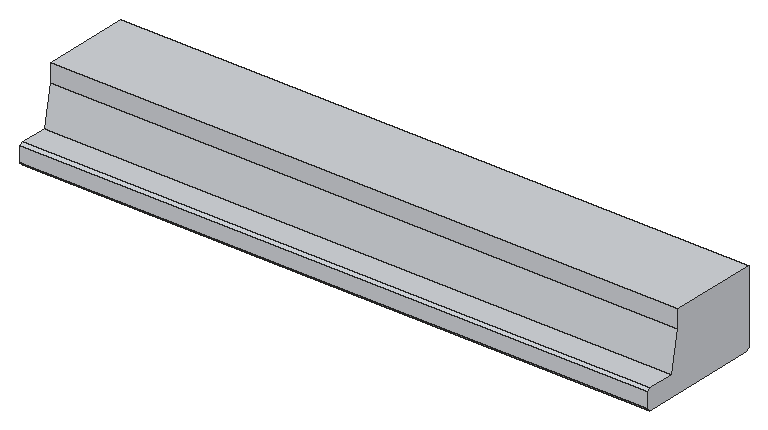
Revit family "Bjælke-LBE", category Structural Framing, Revit 2020
Family settings
  Section Shape = Not Defined
  Material for Model Behavior = Other
  Always export as geometry = No
  OmniClass Number = 23.25.30.11.14.14
  OmniClass Title = Beams
  Always vertical = Yes
  Cut with Voids When Loaded = No
  Symbolic Representation = From Family
  Shared = No
  Show family pre-cut in plan views = Yes
Parameters (values of type "LBE 50/22/8")
  Model = if(Bredt Element, "LBBE", "LBE")  # "LBE"
  Konsol Tykkelse = 80 mm
  Hylde Højde Maks = 400 mm  # constant formula
  Hylde Højde = 220 mm
  Bredt Element = no
  Bredde 2 = if(Bredt Element, 240 mm, 170 mm)  # 170 mm
  Bredde = if(Bredt Element, 660 mm, 500 mm)  # 500 mm
  Structural Material [instance] = (empty or 0)
  Manufacturer = "CRH Concrete"  # constant formula
  Length [instance] = 3000 mm
  Højde = if(Hylde Højde Maks < Hylde Højde, Hylde Højde Maks, Hylde Højde) + Konsol Tykkelse  # 300 mm
  CRH_RFA_TimeStamp_LastRelease = 20230829  # constant formula
Types (25, lengths in mm): name | Model | Konsol Tykkelse | Hylde Højde | Bredt Element | Bredde 2 | Bredde | Højde
  (no name) | "LBE" | 80 | 220 | no | 170 | 500 | 300
  LBE 50/40/12 | "LBE" | 120 | 400 | no | 170 | 500 | 520
  LBE 50/32/12 | "LBE" | 120 | 320 | no | 170 | 500 | 440
  LBE 50/27/12 | "LBE" | 120 | 270 | no | 170 | 500 | 390
  LBE 50/22/12 | "LBE" | 120 | 220 | no | 170 | 500 | 340
  LBE 50/40/8 | "LBE" | 80 | 400 | no | 170 | 500 | 480
  LBE 50/32/8 | "LBE" | 80 | 320 | no | 170 | 500 | 400
  LBE 50/27/8 | "LBE" | 80 | 270 | no | 170 | 500 | 350
  LBE 50/22/8 | "LBE" | 80 | 220 | no | 170 | 500 | 300
  LBE 50/40/16 | "LBE" | 160 | 400 | no | 170 | 500 | 560
  LBE 50/32/16 | "LBE" | 160 | 320 | no | 170 | 500 | 480
  LBE 50/27/16 | "LBE" | 160 | 270 | no | 170 | 500 | 430
  LBE 50/22/16 | "LBE" | 160 | 220 | no | 170 | 500 | 380
  LBBE 66/40/16 | "LBBE" | 160 | 400 | yes | 240 | 660 | 560
  LBBE 66/32/16 | "LBBE" | 160 | 320 | yes | 240 | 660 | 480
  LBBE 66/27/16 | "LBBE" | 160 | 270 | yes | 240 | 660 | 430
  LBBE 66/22/16 | "LBBE" | 160 | 220 | yes | 240 | 660 | 380
  LBBE 66/40/12 | "LBBE" | 120 | 400 | yes | 240 | 660 | 520
  LBBE 66/32/12 | "LBBE" | 120 | 320 | yes | 240 | 660 | 440
  LBBE 66/27/12 | "LBBE" | 120 | 270 | yes | 240 | 660 | 390
  LBBE 66/22/12 | "LBBE" | 120 | 220 | yes | 240 | 660 | 340
  LBBE 66/40/8 | "LBBE" | 80 | 400 | yes | 240 | 660 | 480
  LBBE 66/32/8 | "LBBE" | 80 | 320 | yes | 240 | 660 | 400
  LBBE 66/27/8 | "LBBE" | 80 | 270 | yes | 240 | 660 | 350
  LBBE 66/22/8 | "LBBE" | 80 | 220 | yes | 240 | 660 | 300
Reference planes
  plane 1 "Center (Front/Back)": y = 0
  plane 2 "Center Elevation": z = 0
  plane 3 "Center (Left/Right)": x = 0
  plane 4 "Left": x = -1500
  plane 5 "Member Left": x = -1250
  plane 6 "Stick Symbol Left": x = -1000
  plane 7 "Right": x = 1500
  plane 8 "Member Right": x = 1250
  plane 9 "Stick Symbol Right": x = 1000
Forms (mm)
  Sweep 1, solid
    path origin (0, 0, 0) x (1, 0, 0) y (0, 1, 0)
      loop
        line (-1250, 0) -> (1250, 0)
    profile "Profile-LBE : Profile-LBE" origin (0, 0, 0) x (0, 1, 0) y (0, 0, 1)
      loop
        line (-180, -70) -> (-210, -220) -> (-320, -220) -> (-330, -230) -> (-330, -290) -> (-320, -300) -> (160, -300) -> (170, -290) -> (170, 0) -> (-180, 0) -> (-180, -70)
Lines and regions (mm)
  model lines, style "Stick Symbols", not visible, detail levels coarse
    curve 1: line (-1000, 0, 0) -> (1000, 0, 0)
Dimensions and locks
  equal spacing: plane 4 "Left", plane 3 "Center (Left/Right)", plane 7 "Right"
  "Length": plane 4 "Left" to plane 7 "Right"
  aligned and locked: plane 1 "Center (Front/Back)" to curve 1
  aligned and locked: plane 6 "Stick Symbol Left" to curve 1
  aligned and locked: plane 9 "Stick Symbol Right" to curve 1
  aligned and locked: plane 2 "Center Elevation" to level
  aligned and locked: plane 1 "Center (Front/Back)" to Sweep 1 sketch curve
  aligned and locked: plane 5 "Member Left" to Sweep 1 sketch curve
  aligned and locked: plane 8 "Member Right" to Sweep 1 sketch curve
